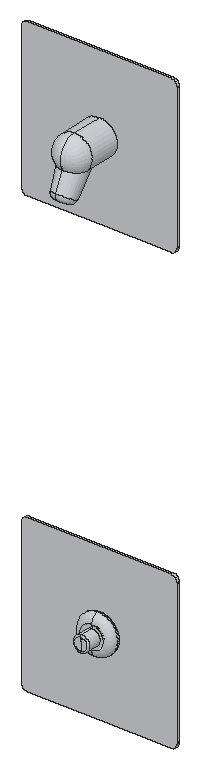
Revit family "Shower_Panel-Willoughby-WBIS", category Plumbing Fixtures, Revit 2015
Parameters
  URL = "https://www.willoughby-ind.com/wp-content/uploads/2018/01/WBIS.pdf"
  Revision = "A"
  Model = "WBIS"
  Manufacturer = "Willoughby Industries"
  Description = "Rear Mounted Built-In Shower"
  Contact Info = "(800) 428-4065"
Reference planes (in)
  plane 1 "Center (Front/Back)": y = 0
  plane 2: z = 0
  plane 3 "Center (Left/Right)": x = 0
Forms (in)
  Extrusion 1, solid
    sketch origin (0, 0, 0) x (1, 0, 0) y (0, 0, 1)
      loop
        line (0, 0) -> (2.3, 0)
        arc (2.3, 0) -> (2.44142, 0.05858) -> (2.5, 0.2) r 0.2
        line (2.5, 0.2) -> (2.5, 4.8)
        arc (2.5, 4.8) -> (2.44142, 4.94142) -> (2.3, 5) r 0.2
        line (2.3, 5) -> (-2.3, 5)
        arc (-2.3, 5) -> (-2.44142, 4.94142) -> (-2.5, 4.8) r 0.2
        line (-2.5, 4.8) -> (-2.5, 0.2)
        arc (-2.5, 0.2) -> (-2.44142, 0.05858) -> (-2.3, 0) r 0.2
        line (-2.3, 0) -> (0, 0)
      loop
        line (0, 14.25) -> (2.3, 14.25)
        arc (2.3, 14.25) -> (2.44142, 14.30858) -> (2.5, 14.45) r 0.2
        line (2.5, 14.45) -> (2.5, 19.05)
        arc (2.5, 19.05) -> (2.44142, 19.19142) -> (2.3, 19.25) r 0.2
        line (2.3, 19.25) -> (-2.3, 19.25)
        arc (-2.3, 19.25) -> (-2.44142, 19.19142) -> (-2.5, 19.05) r 0.2
        line (-2.5, 19.05) -> (-2.5, 14.45)
        arc (-2.5, 14.45) -> (-2.44142, 14.30858) -> (-2.3, 14.25) r 0.2
        line (-2.3, 14.25) -> (0, 14.25)
    from 0 to 0.07422
  Revolve 2, solid
    sketch origin (0, 0, 0) x (0, 1, 0) y (0, 0, 1)
      loop
        line (-0.07422, 17.3125) -> (-1.07422, 17.3125)
        arc (-1.07422, 17.3125) -> (-1.47197, 17.14775) -> (-1.63672, 16.75) r 0.5625
        line (-1.63672, 16.75) -> (-0.07422, 16.75) -> (-0.07422, 17.3125)
      axis (-1.63672, 16.75) -> (-0.07422, 16.75)
    angle from 0 to 360
  Revolve 3, solid
    sketch origin (0, 0, 0) x (0, 1, 0) y (0, 0, 1)
      loop
        line (-0.07422, 2.5) -> (-0.82422, 2.5) -> (-0.82422, 2.29)
        arc (-0.82422, 2.29) -> (-0.8125, 2.26172) -> (-0.78422, 2.25) r 0.04
        line (-0.78422, 2.25) -> (-0.37422, 2.25) -> (-0.37422, 2.125)
        arc (-0.37422, 2.125) -> (-0.301, 1.94822) -> (-0.12422, 1.875) r 0.25
        line (-0.12422, 1.875) -> (-0.07422, 1.875) -> (-0.07422, 2.5)
      axis (-0.82422, 2.5) -> (-0.07422, 2.5)
    angle from 0 to 360
  Revolve 4, solid
    sketch origin (0, 0, 0) x (0, 1, 0) y (0, 0, 1)
      loop
        line (-1.57422, 15.5625) -> (-1.41153, 15.46857)
        arc (-1.41153, 15.46857) -> (-1.28931, 15.44965) -> (-1.1863, 15.51809) r 0.171
        line (-1.1863, 15.51809) -> (-0.55041, 16.41954) -> (-0.94715, 16.64861) -> (-1.57422, 15.5625)
      axis (-0.94715, 16.64861) -> (-1.57422, 15.5625)
    angle from 0 to 360
  Extrusion 5, solid
    sketch origin (0, 0, 0) x (1, 0, 0) y (0, 0, 1)
      loop
        circle (0, 16.75) r 0.25
    from -0.07422 to -1.25
Dimensions and locks (in)
  aligned and locked: level to plane 2
  aligned and locked: Revolve 2 sketch curve to Revolve 2 sketch curve
  aligned and locked: Revolve 3 sketch curve to Revolve 3 sketch curve  (x2)
  aligned and locked: Revolve 4 sketch curve to Revolve 4 sketch curve  (x2)
Connectors (in)
  piping at (0, 1.25, 16.75), diameter 0.5
    settings: on Extrusion 5, index 1, connector inside diameter 24", connector length 0' - 0", flow factor 0, pipe flow 0 GPM, pressure drop 0.00 psi, fitting loss kfactor 0, connector angle 0.00°, fixture units 0, engagement length 0' - 0", angle of deflection 0.00°, flow configuration 0, flow direction 0, fitting loss method 0, system type 7, joint type 0, gender type 0, connector reference index -1, connector utility 0, adjustable connector no, is connector primary yes, connector description ""
